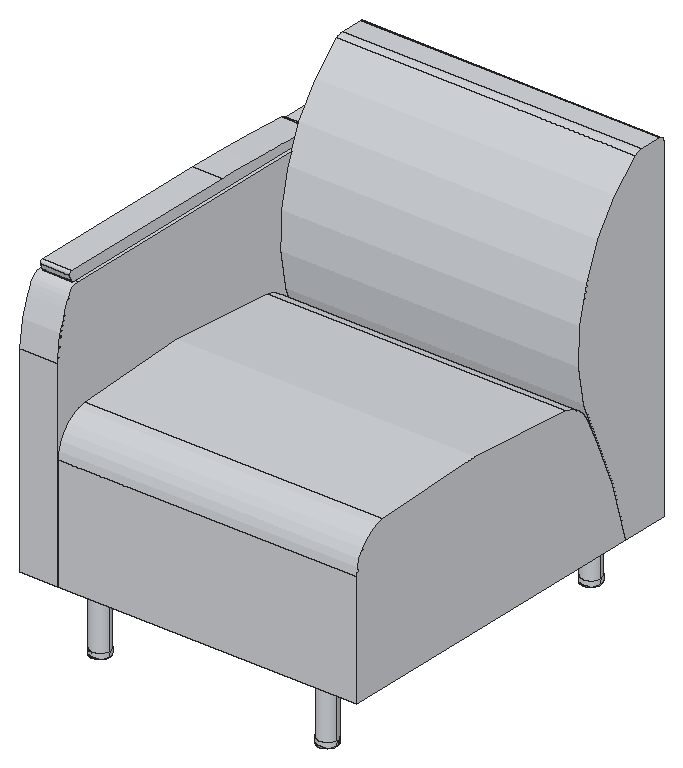
Revit family "Seat-LaZBoy-Assymble_Lounge_Seating-AS12L", category Furniture, Revit 2017
Family settings
  OmniClass Number = 23.40.20.00
  OmniClass Title = General Furniture and Specialties
  Work Plane-Based = No
  Always vertical = Yes
  Cut with Voids When Loaded = No
  Shared = No
  Room Calculation Point = No
Parameters (values of type "Solid Surface Arms Caps")
  Width = 27.00"  # constant formula
  URL = "https://www.la-z-boy.com/"
  Seat Material [instance] = none
  Product Documentation Link = "URL"
  Model = "AS12LJ"
  Manufacturer = "LaZBoy"
  Height = 32.75"  # constant formula
  Description = "Single Seat Lounge Chair, Left Side Facing with Solid Surface Arms Caps"
  Depth = 30.75"
  Copyright © = "Inc"
  Back Material [instance] = none
  Assembly Code = "E2020200"
  Armcap Material [instance] = none
  Arm Material [instance] = none
Types (4): name | Model | Description
  Upholstered Arms | "AS12LF" | "Single Seat Lounge Chair, Left Side Facing with Upholstered Arms"
  Urethane Arms Caps | "AS12LU" | "Single Seat Lounge Chair, Left Side Facing with Urethane Arms Caps"
  Wood Arms Caps | "AS12LW" | "Single Seat Lounge Chair, Left Side Facing with Wood Arms Caps"
  Solid Surface Arms Caps | "AS12LJ" | "Single Seat Lounge Chair, Left Side Facing with Solid Surface Arms Caps"
Reference planes (in)
  plane 1 "Center (Front/Back)": y = 0
  plane 2: z = 0
  plane 3 "Center (Left/Right)": x = 0
  plane 4: y = -15.375
  plane 5: z = 32.75
  plane 6: y = 15.375
  plane 7: x = -13.5
  plane 8: x = 13.5
  plane 9: z = 5.39888
  plane 10: x = -10.5
Forms (in)
  Extrusion 1, solid, material <- "Back Material"
    sketch origin (0, 0, 0) x (0, 1, 0) y (0, 0, 1)
      loop
        line (15.375, 5.39888) -> (15.375, 32.4)
        arc (15.375, 32.4) -> (15.27249, 32.64749) -> (15.025, 32.75) r 0.35
        line (15.025, 32.75) -> (13.18257, 32.75)
        arc (13.18257, 32.75) -> (12.88654, 32.70048) -> (12.62275, 32.55731) r 0.90955
        arc (12.62275, 32.55731) -> (7.27087, 24.12175) -> (8.46181, 14.20293) r 14.8761
        arc (8.46181, 14.20293) -> (10.29749, 9.8942) -> (11.61161, 5.39888) r 39.59734
        line (11.61161, 5.39888) -> (15.375, 5.39888)
    from -10.5 to 13.5
  Extrusion 2, solid, material <- "Seat Material"
    sketch origin (0, 0, 0) x (0, 1, 0) y (0, 0, 1)
      loop
        line (-15.375, 5.39888) -> (11.61161, 5.39888)
        arc (11.61161, 5.39888) -> (9.9596, 10.8034) -> (7.55503, 15.9177) r 39.59734
        arc (7.55503, 15.9177) -> (6.71811, 16.83642) -> (5.56221, 17.29288) r 2.75
        arc (5.56221, 17.29288) -> (-3.58084, 18.03171) -> (-12.7401, 17.53243) r 67.9538
        arc (-12.7401, 17.53243) -> (-14.6217, 16.54278) -> (-15.375, 14.55473) r 3
        line (-15.375, 14.55473) -> (-15.375, 5.39888)
    from -10.5 to 13.5
  Extrusion 3, solid
    sketch origin (0, 0, 0) x (1, 0, 0) y (0, 1, 0)
      loop
        circle (-9.11938, 13.59321) r 0.75
      loop
        circle (9.11938, 13.59321) r 0.75
      loop
        circle (-9.11938, -12.84321) r 0.75
      loop
        circle (9.11938, -12.84321) r 0.75
    from 0 to 5.39888
  Revolve 4, solid
    sketch origin (25.25, -12.84321, 0) x (1, 0, 0) y (0, 0, 1)
      loop
        line (-34.36938, 0) -> (-33.63039, 0)
        arc (-33.63039, 0) -> (-33.59459, 0.01483) -> (-33.57976, 0.05064) r 0.05064
        line (-33.57976, 0.05064) -> (-33.57976, 0.40859) -> (-34.36938, 0.40859) -> (-34.36938, 0)
      axis (-34.36938, 0.40859) -> (-34.36938, 0)
    angle from 0 to 360
  Revolve 5, solid
    sketch origin (-25.25, -12.84321, 0) x (-1, 0, 0) y (0, 0, 1)
      loop
        line (-34.36938, 0) -> (-33.63039, 0)
        arc (-33.63039, 0) -> (-33.59459, 0.01483) -> (-33.57976, 0.05064) r 0.05064
        line (-33.57976, 0.05064) -> (-33.57976, 0.40859) -> (-34.36938, 0.40859) -> (-34.36938, 0)
      axis (-34.36938, 0.40859) -> (-34.36938, 0)
    angle from 0 to 360
  Revolve 6, solid
    sketch origin (0, 13.59321, 0) x (1, 0, 0) y (0, 0, 1)
      loop
        line (-9.11938, 0) -> (-8.38039, 0)
        arc (-8.38039, 0) -> (-8.34459, 0.01483) -> (-8.32976, 0.05064) r 0.05064
        line (-8.32976, 0.05064) -> (-8.32976, 0.40859) -> (-9.11938, 0.40859) -> (-9.11938, 0)
      axis (-9.11938, 0.40859) -> (-9.11938, 0)
    angle from 0 to 360
  Revolve 7, solid
    sketch origin (0, 13.59321, 0) x (1, 0, 0) y (0, 0, 1)
      loop
        line (9.11938, 0) -> (9.11938, 0.40859) -> (8.32976, 0.40859) -> (8.32976, 0.05064)
        arc (8.32976, 0.05064) -> (8.34459, 0.01483) -> (8.38039, 0) r 0.05064
        line (8.38039, 0) -> (9.11938, 0)
      axis (9.11938, 0.40859) -> (9.11938, 0)
    angle from 0 to 360
Lines and regions (in)
  Masking region 1
    outline origin (0, 0, 0) x (1, 0, 0) y (0, 1, 0)
      loop
        line (-10.5, 15.375) -> (-10.5, -15.375) -> (13.5, -15.375) -> (13.5, 15.375) -> (-10.5, 15.375)
  symbolic lines, detail levels fine
    curve 1: line (13.5, 11.61161, 0) -> (-10.5, 11.61161, 0)
  symbolic lines, detail levels medium+fine
    curve 2: line (-10.5, 6.90274, 0) -> (13.5, 6.90274, 0)
Dimensions and locks (in)
  equal spacing: plane 6, plane 1 "Center (Front/Back)", plane 4
  equal spacing: plane 7, plane 3 "Center (Left/Right)", plane 8
  "Width": plane 7 to plane 8
  "Depth": plane 4 to plane 6
  "Height": plane 5 to plane 2
  plane 6 to Extrusion 3 sketch curve = 1.78179"
  locked: plane 7 to Extrusion 3 sketch curve at 4.38062
  locked: plane 9 to plane 2 at 5.39888
  locked: plane 7 to plane 10 at 3
  aligned and locked: level to plane 2
  aligned and locked: plane 3 "Center (Left/Right)" to nested 1
  aligned and locked: plane 1 "Center (Front/Back)" to nested 1
  aligned and locked: plane 6 to Extrusion 1 sketch curve
  aligned and locked: plane 9 to Extrusion 3
  aligned and locked: nested 2 to plane 7
  aligned and locked: plane 6 to nested 2
  aligned and locked: plane 10 to Extrusion 1
  aligned and locked: plane 10 to Extrusion 2
  aligned and locked: Masking region 1 sketch curve to plane 6
  aligned and locked: Masking region 1 sketch curve to plane 10
  aligned and locked: Masking region 1 sketch curve to plane 4
  aligned and locked: Extrusion 2 to curve 1
  aligned and locked: plane 8 to Extrusion 1
  aligned and locked: Extrusion 2 to plane 8
  aligned and locked: Masking region 1 to plane 8
  aligned and locked: plane 8 to curve 1
  aligned and locked: Extrusion 2 to curve 2
Automatic sketch dimensions
  Extrusion 2 sketch curve to plane 4 = 0.00"
  Extrusion 2 sketch curve to level = 3.44449"
  plane 4 to Extrusion 2 sketch curve = 11.61059"
  Extrusion 2 sketch curve to Extrusion 2 sketch curve = 3.00"
  plane 1 "Center (Front/Back)" to Extrusion 2 sketch curve = 4.47018"
  Extrusion 2 sketch curve to plane 1 "Center (Front/Back)" = 5.15622"
  Extrusion 2 sketch curve to plane 6 = 3.76339"
  Extrusion 2 sketch curve to level = 49.91627"
  level to Extrusion 2 sketch curve = 5.39888"
  Extrusion 2 sketch curve to Extrusion 2 sketch curve = 9.15585"
  Extrusion 2 sketch curve to Extrusion 2 sketch curve = 9.17414"
  Extrusion 2 sketch curve to Extrusion 2 sketch curve = 0.00"  (x2)
  Extrusion 1 sketch curve to plane 5 = 0.00"
  Extrusion 1 sketch curve to level = 3.44449"
  plane 4 to Extrusion 1 sketch curve = 11.61059"
  Extrusion 1 sketch curve to plane 5 = 0.90955"
  Extrusion 1 sketch curve to plane 6 = 2.19243"
  Extrusion 1 sketch curve to plane 6 = 0.35"
  plane 6 to Extrusion 1 sketch curve = 6.40384"
  level to Extrusion 1 sketch curve = 5.39888"
  Extrusion 1 sketch curve to plane 5 = 11.91722"
  Extrusion 1 sketch curve to plane 6 = 6.91319"
  Extrusion 1 sketch curve to Extrusion 1 sketch curve = 0.00"
  Extrusion 3 sketch curve to plane 4 = 2.53179"  (x2)
  plane 7 to Extrusion 3 sketch curve = 4.38062"
  Extrusion 3 sketch curve to plane 8 = 4.38062"  (x2)
  Extrusion 3 sketch curve to plane 6 = 1.78179"
  curve 1 to plane 10 = 0.00"
  curve 2 to plane 10 = 0.00"
  curve 2 to curve 1 = 4.70887"
  Masking region 1 sketch curve to plane 8 = 0.00"
  Revolve 4 sketch curve to level = 0.00"
  Revolve 4 sketch curve to plane 10 = 1.38062"
  Revolve 4 sketch curve to Revolve 4 sketch curve = 0.73899"
  level to Revolve 4 sketch curve = 0.05064"
  Revolve 4 sketch curve to Revolve 4 sketch curve = 0.35795"
  Revolve 4 sketch curve to Revolve 4 sketch curve = 0.00"
  Revolve 4 sketch curve to level = 0.50"
  Revolve 4 sketch curve to Revolve 4 sketch curve = 1.34141"
  Revolve 5 sketch curve to level = 0.00"
  plane 8 to Revolve 5 sketch curve = 4.38062"
  Revolve 5 sketch curve to Revolve 5 sketch curve = 0.73899"
  Revolve 5 sketch curve to level = 0.05064"
  Revolve 5 sketch curve to Revolve 5 sketch curve = 0.35795"
  Revolve 5 sketch curve to Revolve 5 sketch curve = 0.00"
  Revolve 5 sketch curve to Revolve 5 sketch curve = 0.50"
  Revolve 5 sketch curve to Revolve 5 sketch curve = 1.34141"
  Revolve 6 sketch curve to level = 0.00"
  Revolve 6 sketch curve to plane 10 = 1.38062"
  Revolve 6 sketch curve to Revolve 6 sketch curve = 0.73899"
  level to Revolve 6 sketch curve = 0.05064"
  Revolve 6 sketch curve to Revolve 6 sketch curve = 0.35795"
  Revolve 6 sketch curve to Revolve 6 sketch curve = 0.00"
  Revolve 6 sketch curve to level = 0.50"
  Revolve 6 sketch curve to Revolve 6 sketch curve = 1.34141"
  Revolve 7 sketch curve to level = 0.00"
  level to Revolve 7 sketch curve = 0.40859"
  Revolve 7 sketch curve to plane 8 = 5.17024"
  level to Revolve 7 sketch curve = 0.05064"
  Revolve 7 sketch curve to Revolve 7 sketch curve = 0.73899"
  Revolve 7 sketch curve to Revolve 7 sketch curve = 0.00"
  Revolve 7 sketch curve to Revolve 7 sketch curve = 0.50"
  Revolve 7 sketch curve to Revolve 7 sketch curve = 1.34141"
  radius of Extrusion 3 sketch curve = 0.75"  (x4)
Nested families (in)
  nested 1: "Label 1-16" at (0, 0, 0), type "Center", detail levels fine
    with Offset (LR) 0.00"
  nested 2: "Leg-Assymble-AS" at (-12, -0.42331, 0), type "Standard"
    with With Armcap yes
Definition of nested family "Leg-Assymble-AS"
  Parameters (values of type "Standard")
    With Armcap [instance] = yes
    URL = ""
    On Legs = yes
    Model = ""
    Manufacturer = ""
    Description = ""
    Depth = 30.75"
    Assembly Code = "E2020200"
    Armcap Material = none
    Arm Material = none
  Reference planes (in)
    plane 1 "Center (Front/Back)": y = 0.42331
    plane 2: z = 0
    plane 3 "Center (Left/Right)": x = 0
    plane 4: y = -14.95169
    plane 5: y = 15.79831
    plane 6 "Top": z = 26.39888
    plane 7: z = 5.39888
    plane 8: x = -1.5
    plane 9: x = 1.5
    plane 10: z = 27.20597
  Forms (in)
    Extrusion 1, solid, material <- "Arm Material"
      sketch origin (0, 0, 0) x (0, 1, 0) y (0, 0, 1)
        loop
          line (-14.95169, 5.39888) -> (15.79831, 5.39888) -> (15.79831, 21.43599)
          spline (15.79831, 21.43599) -> (15.76797, 22.12079) -> (15.68527, 22.75327) -> (15.5627, 23.33665) -> (15.41272, 23.87418) -> (15.24784, 24.36908) -> (15.08052, 24.8246) -> (14.92237, 25.24351) -> (14.76729, 25.61955) -> (14.59281, 25.93806) -> (14.37586, 26.1841) -> (14.09335, 26.34269) -> (13.7222, 26.39888)
          line (13.7222, 26.39888) -> (-12.87557, 26.39888)
          spline (-12.87557, 26.39888) -> (-13.24672, 26.34269) -> (-13.52924, 26.1841) -> (-13.74619, 25.93806) -> (-13.92066, 25.61955) -> (-14.07574, 25.24351) -> (-14.23389, 24.8246) -> (-14.40121, 24.36908) -> (-14.5661, 23.87418) -> (-14.71607, 23.33665) -> (-14.83865, 22.75327) -> (-14.92135, 22.12079) -> (-14.95169, 21.43599)
          line (-14.95169, 21.43599) -> (-14.95169, 5.39888)
      from -1.5 to 1.5
    Extrusion 2, solid, material <- "Armcap Material", visible <- "With Armcap"
      sketch origin (0, 0, 0) x (0, 1, 0) y (0, 0, 1)
        loop
          line (-13.01699, 26.39888) -> (11.3584, 26.39888)
          arc (11.3584, 26.39888) -> (11.2289, 26.74416) -> (10.89493, 26.90053) r 0.48849
          line (10.89493, 26.90053) -> (10.8547, 26.90258)
          spline (10.8547, 26.90258) -> (9.81368, 26.95548) -> (8.97711, 26.99748) -> (8.27856, 27.03149) -> (7.65189, 27.06036) -> (7.04399, 27.08607) -> (6.41901, 27.10935) -> (5.74229, 27.13088) -> (4.97919, 27.15133) -> (4.10521, 27.17117) -> (3.20988, 27.18881) -> (2.45429, 27.20138) -> (2.00065, 27.20597)
          line (2.00065, 27.20597) -> (-13.10453, 27.20597)
          arc (-13.10453, 27.20597) -> (-13.26936, 27.11925) -> (-13.29125, 26.9343) r 0.2
          line (-13.29125, 26.9343) -> (-13.11035, 26.46304)
          arc (-13.11035, 26.46304) -> (-13.07363, 26.41646) -> (-13.01699, 26.39888) r 0.1
      from -1.18 to 1.18
  Lines and regions (in)
    Masking region 1
      outline origin (0, 0, 0) x (1, 0, 0) y (0, 1, 0)
        loop
          line (-1.5, 15.79831) -> (-1.5, -14.95169) -> (1.5, -14.95169) -> (1.5, 15.79831) -> (-1.5, 15.79831)
    symbolic lines, visible <- "With Armcap"
      curve 1: line (-1.18, 11.3584, 0) -> (-1.18, -13.30453, 0)
      curve 2: line (1.18, -13.30453, 0) -> (1.18, 11.3584, 0)
      curve 3: arc (-1.18, -13.30453, 0) -> (0, -13.34619, 0) -> (1.18, -13.30453, 0) r 16.73286
    symbolic lines
      curve 4: arc (-1.18, 11.3584, 0) -> (0, 11.42098, 0) -> (1.18, 11.3584, 0) r 11.15659
  Dimensions and locks (in)
    plane 6 "Top" to plane 7 to plane 2 = 21.00" locked, 5.39888" locked
    equal spacing: plane 4, plane 1 "Center (Front/Back)", plane 5
    "Depth": plane 4 to plane 5
    equal spacing: plane 8, plane 3 "Center (Left/Right)", plane 9
    plane 8 to plane 3 "Center (Left/Right)" = 1.50"
    locked: plane 10 to plane 6 "Top" at 0.80709
    equal spacing: Extrusion 2, plane 3 "Center (Left/Right)", Extrusion 2
    locked: Extrusion 2 sketch curve to plane 4 at 1.84715
    aligned and locked: level to plane 2
    aligned and locked: plane 7 to Extrusion 1 sketch curve
    aligned and locked: plane 5 to Extrusion 1 sketch curve
    aligned and locked: plane 4 to Extrusion 1 sketch curve
    aligned and locked: plane 6 "Top" to Extrusion 1 sketch curve
    aligned and locked: plane 8 to Extrusion 1
    aligned and locked: plane 9 to Extrusion 1
    aligned and locked: plane 6 "Top" to Extrusion 2 sketch curve
    aligned and locked: Masking region 1 sketch curve to plane 4
    aligned and locked: Masking region 1 sketch curve to plane 5
    aligned and locked: Masking region 1 sketch curve to plane 8
    aligned and locked: Masking region 1 sketch curve to plane 9
    aligned and locked: Extrusion 2 to curve 1
    aligned and locked: curve 2 to Extrusion 2
  Automatic sketch dimensions
    Extrusion 1 sketch curve to plane 5 = 2.07612"
    plane 6 "Top" to Extrusion 1 sketch curve = 4.96288"  (x2)
    Extrusion 1 sketch curve to plane 4 = 2.07612"
    curve 3 to plane 3 "Center (Left/Right)" = 0.00"
    curve 1 to plane 4 = 1.64715"
    plane 1 "Center (Front/Back)" to curve 4 = 0.15892"
    curve 3 to plane 1 "Center (Front/Back)" = 2.96335"
    curve 1 to plane 5 = 4.43991"
    curve 1 to curve 2 = 0.00"
    plane 10 to Extrusion 2 sketch curve = 0.00"
    Extrusion 2 sketch curve to plane 6 "Top" = 0.06416"
    Extrusion 2 sketch curve to Extrusion 2 sketch curve = 0.00582"
    plane 10 to Extrusion 2 sketch curve = 0.27167"
    Extrusion 2 sketch curve to Extrusion 2 sketch curve = 0.18672"
    Extrusion 2 sketch curve to Extrusion 2 sketch curve = 0.09336"
    Extrusion 2 sketch curve to plane 1 "Center (Front/Back)" = 1.57734"
    plane 10 to Extrusion 2 sketch curve = 0.30339"
    Extrusion 2 sketch curve to plane 5 = 4.94361"
    Extrusion 2 sketch curve to plane 6 "Top" = 0.01379"
    Extrusion 2 sketch curve to Extrusion 2 sketch curve = 0.0154"
    plane 10 to Extrusion 2 sketch curve = 0.30544"
    Extrusion 2 sketch curve to Extrusion 2 sketch curve = 0.04023"
Definition of nested family "Label 1-16"
  Parameters (values of type "Center")
    P_Width = 0.00"
    Text_Width = "Empty"
    Text_Height = "Empty"
    Text_Diameter = "Empty"
    Text_Depth = "Empty"
    Offset (LR) [instance] = 0.00"
    Model Name = "6961"
    P_Height = 0.00"
    Distance of Center (not Change) = 0.00"
    P_Diameter = 0.00"
    P_Depth = 0.00"
  Reference planes (in)
    plane 1: y = 0
    plane 2: x = 0
  Lines and regions (in)
    reference lines
      curve 1: line (-0.44359, 0, 0) -> (0.41085, 0, 0)
      curve 3: line (0, 0.32564, 0) -> (0, -0.40221, 0)
    reference lines, not visible
      curve 2: line (-0.44359, 0.09843, 0) -> (0.41085, 0.09843, 0)
      curve 4: line (0, 0.42407, 0) -> (0, -0.30379, 0)
  Text (in)
    label "Empty" at (0.00197, -0.0079, 0), shows "Model Name"
    label "Empty" at (0.00197, 0.09052, 0), shows "Model Name", not visible
  Dimensions and locks (in)
    "Distance of Center (not Change)": plane 1 to curve 1
    "Offset (LR)": curve 3 to plane 2
  Automatic sketch dimensions
    curve 1 to curve 3 = 0.44359"
    curve 3 to curve 1 = 0.41085"
    curve 3 to curve 1 = 0.40221"
    curve 1 to curve 3 = 0.32564"
    curve 2 to curve 4 = 0.44359"
    curve 4 to curve 2 = 0.41085"
    curve 4 to curve 2 = 0.40221"
    curve 2 to curve 4 = 0.32564"
